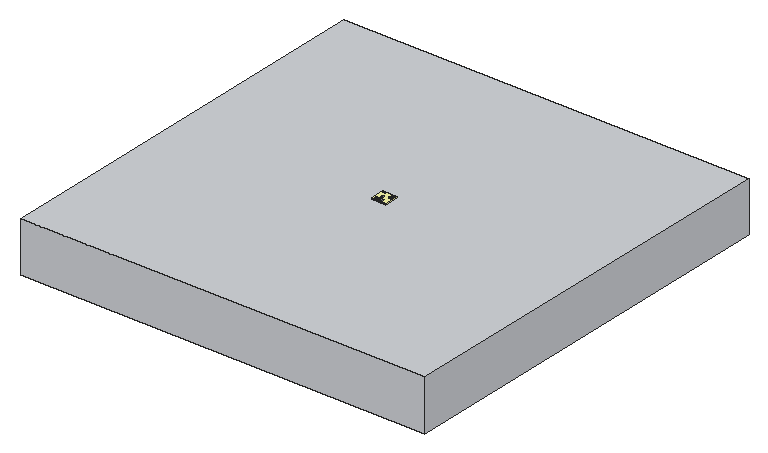
Revit family "EP_13A Switch Socket with Indication Lamp-Ceiling Void", category Electrical Fixtures, host Face, Revit 2013
Parameters
  Voltage = 230 V
  Socket = Socket
  Load Classification = Single Socket
  Load = 200 W
  Glass = Glass Red
  Default Elevation = 1200 mm
Reference planes
  plane 1 "Center (Front/Back)": y = 0
  plane 2: z = 0
  plane 3 "Center (Left/Right)": x = 0
  plane 4: x = -43
  plane 5: x = 43
  plane 6: y = 43
  plane 7: y = -43
  plane 8 "Switch": z = 8
Forms (mm)
  Extrusion 1, solid
    sketch origin (0, 0, 0) x (1, 0, 0) y (0, 1, 0)
      loop
        line (-1219.2, 1219.2) -> (-1219.2, -1219.2) -> (1219.2, -1219.2) -> (1219.2, 1219.2) -> (-1219.2, 1219.2)
    from 0 to -304.8
  Extrusion 2, solid, material "Face Plate"
    sketch origin (0, 0, 0) x (1, 0, 0) y (0, 1, 0)
      loop
        line (-43, -43) -> (43, -43) -> (43, 43) -> (-43, 43) -> (-43, -43)
    from 0 to 8
  Extrusion 3, solid, material "Socket" <- "Socket"
    sketch origin (0, 39.084, 0) x (0, -1, 0) y (0, 0, -1)
      loop
        line (6.07, -8) -> (27.984, -13.464) -> (27.984, -8) -> (6.07, -8)
    from 20 to 33
  Extrusion 4, void
    sketch origin (0, 0, 0) x (1, 0, 0) y (0, 1, 0)
      loop
        line (20, 11.1) -> (33, 11.1) -> (33, 33.014) -> (20, 33.014) -> (20, 11.1)
      loop
        line (18, 35.014) -> (18, 9.1) -> (35, 9.1) -> (35, 35.014) -> (18, 35.014)
    from 7.5 to 8
  Extrusion 5, solid, material "Socket" <- "Socket"
    sketch origin (0, 0, 0) x (1, 0, 0) y (0, 1, 0)
      loop
        line (-33, -33) -> (13, -33) -> (13, -21) -> (-5, -21) -> (-5, 5) -> (-15, 5) -> (-15, -21) -> (-33, -21) -> (-33, -33)
    from 8 to 9
  Extrusion 6, void
    sketch origin (0, 0, 0) x (1, 0, 0) y (0, 1, 0)
      loop
        line (-12, 0.984) -> (-12, -11) -> (-8, -11) -> (-8, 0.984) -> (-12, 0.984)
    from 0 to 9
  Extrusion 7, void
    sketch origin (0, 0, 0) x (1, 0, 0) y (0, 1, 0)
      loop
        line (-27, -24.618) -> (-27, -29) -> (-15, -29) -> (-15, -24.618) -> (-27, -24.618)
    from 0 to 9
  Extrusion 8, void
    sketch origin (-20, 0, 0) x (-1, 0, 0) y (0, -1, 0)
      loop
        line (-27, 24.618) -> (-15, 24.618) -> (-15, 29) -> (-27, 29) -> (-27, 24.618)
    from 0 to 9
  Extrusion 9, void
    sketch origin (0, 0, 0) x (1, 0, 0) y (0, 1, 0)
      loop
        line (-37.685, 39.206) -> (-37.685, 33.206) -> (-22.685, 33.206) -> (-22.685, 39.206) -> (-37.685, 39.206)
    from 5 to 8
  Extrusion 10, solid, material "Glass Red" <- "Glass"
    sketch origin (0, 0, 0) x (1, 0, 0) y (0, 1, 0)
      loop
        line (-37.385, 33.506) -> (-22.985, 33.506) -> (-22.985, 38.906) -> (-37.385, 38.906) -> (-37.385, 33.506)
    from 6 to 8.5
Cuts and joins
  Extrusion 4, Extrusion 6, Extrusion 7, Extrusion 8, Extrusion 9 cuts Extrusion 2
  Extrusion 6, Extrusion 7, Extrusion 8 cuts Extrusion 5
Lines and regions (mm)
  model lines
    curve 1: line (-12, 0.984, 0) -> (-12, -11, 0)
    curve 2: line (-8, 0.984, 0) -> (-12, 0.984, 0)
    curve 3: line (-8, -11, 0) -> (-8, 0.984, 0)
    curve 4: line (-12, -11, 0) -> (-8, -11, 0)
    curve 5: line (-15, -24.618, 0) -> (-27, -24.618, 0)
    curve 6: line (-27, -24.618, 0) -> (-27, -29, 0)
    curve 7: line (-27, -29, 0) -> (-15, -29, 0)
    curve 8: line (-15, -29, 0) -> (-15, -24.618, 0)
Dimensions and locks
  plane 4 to plane 3 "Center (Left/Right)" to plane 5 = 43 mm, 43 mm
  aligned and locked: plane 2 to Extrusion 1
  aligned and locked: level to Extrusion 1
Nested families
  nested 1: "EP_SIWC" at (0, 0, 0), type "EP_SIWC"
Connectors
  electrical at (0, 0, 0), driven by "Voltage", driven by "Load", driven by "Load Classification"
    settings: on cut or joined group of Extrusion 2, Extrusion 4, Extrusion 6, Extrusion 7, Extrusion 8, Extrusion 9, index 1, voltage 230 V, apparent load 0 W, apparent load phase1 200 W, apparent load phase2 0 W, apparent load phase3 0 W, power factor 1, load classification "Single Socket", number of poles 1, system type 31, power factor state 1, is connector primary yes, connector utility no, sub classification motor no, connector description ""
Definition of nested family "EP_SIWC"
  Reference planes
    plane 1: y = 0
    plane 2: x = 0
  Lines and regions (mm)
    Filled region 1, type "Filled region 1"
      outline origin (0, 0, 0) x (1, 0, 0) y (0, 1, 0)
        loop
          line (0.006, 1.5) -> (0.006, 0) -> (1.506, 0)
          arc (1.506, 0) -> (1.067, 1.061) -> (0.006, 1.5) r 1.5
    Filled region 2, type "Filled region 1"
      outline origin (0, 0, 0) x (1, 0, 0) y (0, 1, 0)
        loop
          circle (-0.002, 1.903) r 0.4
    detail lines, style "Power Symbols"
      curve 1: line (-1.494, 0, 0) -> (1.506, 0, 0)
      curve 2: arc (1.506, 0, 0) -> (0.006, 1.5, 0) -> (-1.494, 0, 0) r 1.5
      curve 3: line (0.006, 1.5, 0) -> (0.006, 2.83, 0)
